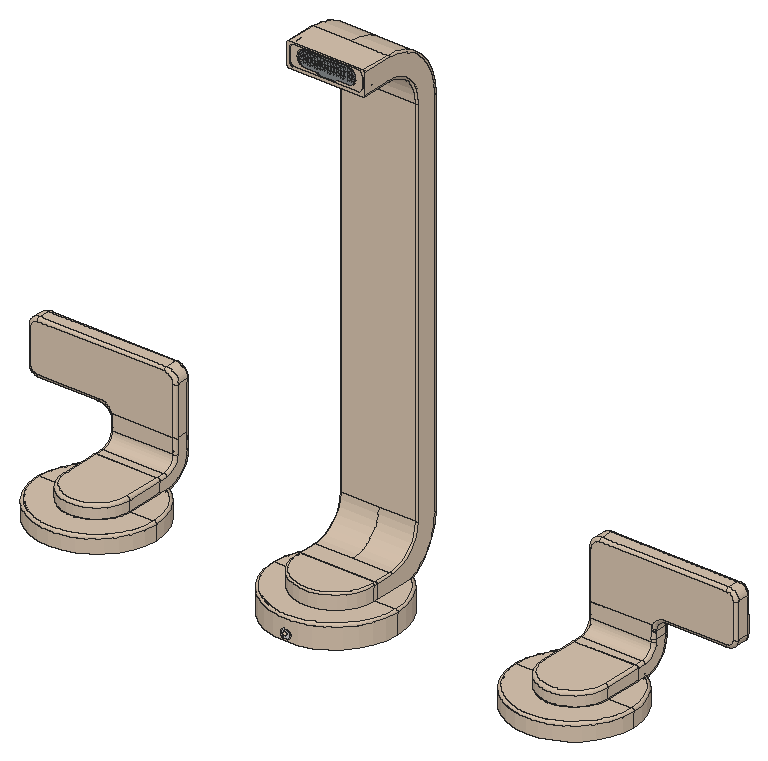
Revit family "Faucet-Wall_Mount-Lavatory-KALLISTA-Guise-P34236", category Plumbing Fixtures, host Face, Revit 2021
Family settings
  Host = Face
  Round Connector Dimension = Use Diameter
  Part Type = Normal
  OmniClass Number = 23.31.11.00
  OmniClass Title = Faucets
  Cut with Voids When Loaded = No
  Shared = No
  Room Calculation Point = No
Parameters (values of type "BAF-Brushed French Gold")
  Width [instance] = Faucet Hole Spacing  # 8"
  WaterSense Certified = 1 = 0  # no
  Waste Water Outlet = "Waste Water Outlet"  # constant formula
  Waste Connection = 1 = 0  # no
  Vent Connection = 1 = 0  # no
  URL = "https://www.kallista.com/"
  Type = 1
  Spout Reach = 8.21654"  # constant formula
  Product Page URL = ""
  Product Name = "Guise\r\n"  # constant formula
  Product Documentation Link = ""
  Pressure = 0.00 psi
  Model = if(Type = 1, "P34236-LV-BAF", if(Type = 2, "P34236-LV-BN", if(Type = 3, "P34236-LV-CP", if(Type = 4, "P34236-LV-GHP", if(Type = 5, "P34236-LV-PGP", if(Type = 6, "P34236-LV-SN", "NA"))))))  # "P34236-LV-BAF"
  Material = "Premium Metal Construction"  # constant formula
  Master Format 2014 Name = "Residential Faucets, Supplies, and Trim"  # constant formula
  Master Format 2014 = "22 41 39"  # constant formula
  Manufacturer Address = "444 Highland Dr, Kohler, WI 53044"  # constant formula
  Manufacturer = "Kallista Co."  # constant formula
  Length = Spout Reach  # 8.21654"
  Hot Water Inlet = "Hot Water Inlet"  # constant formula
  Height = 2.09843"  # constant formula
  Handle Clearance = 1.92913"  # constant formula
  HW Connection = 1 = 1  # yes
  Flow Rate = 1.2 GPM  # constant formula
  Finish = Kallista-Metal-BAF-Brushed_French_Gold
  Faucet Hole Spacing [instance] = 8"  # constant formula
  Environmental Product Declaration = ""
  Drain Included = 1 = 1  # yes
  Description = "Wall Mount Sink Faucet, Wide Spread"  # constant formula
  Default Elevation = 36"
  Declare Label = ""
  Date Modified = "06/29/2024"  # constant formula
  Date Created = "06/29/2024"  # constant formula
  Copyright = "Copyright Kallista Co."  # constant formula
  Contact Us = "https://www.kallista.com/corporate/contact-us/"
  Cold Water Inlet = "Cold Water Inlet"  # constant formula
  CW Connection = 1 = 1  # yes
  Assembly Code = "D2010"
  ADA Compliant = 1 = 0  # no
Types (7): name | Type | Model | Finish
  (no name) | 1 | "P34236-LV-BAF" | Kallista-Metal-BAF-Brushed_French_Gold
  BAF-Brushed French Gold | 1 | "P34236-LV-BAF" | Kallista-Metal-BAF-Brushed_French_Gold
  BN-Brushed Nickel | 2 | "P34236-LV-BN" | Kallista-Metal-BN-Brushed_Nickel
  CP-Chrome | 3 | "P34236-LV-CP" | Kallista-Metal-CP-Chrome
  SN-Polished Nickel | 6 | "P34236-LV-SN" | Kallista-Metal-SN-Polished_Nickel
  GHP | 4 | "P34236-LV-GHP" | none
  PGP-Polished Graphite | 5 | "P34236-LV-PGP" | Kallista-Metal-PGP-Polished_Graphite
Reference planes (in)
  plane 1 "Center (Front/Back)": y = 0
  plane 2: z = 0
  plane 3 "Center (Left/Right)": x = 0
  plane 4: x = -4
  plane 5: x = 4
  plane 6: x = -5.92913
  plane 7: x = -3
  plane 8: y = -1
  plane 9: y = 0.98661
  plane 10: y = 1.2622
  plane 11: x = -5
  plane 12: x = 5.92913
  plane 13: x = 3
  plane 14: x = 5
  plane 15: x = -1.04921
  plane 16: x = 1.04921
  plane 17: y = -0.19685
  plane 18: x = -0.64961
  plane 19: x = 0.64961
  plane 20: y = -1.04921
  plane 21: y = 1.04921
  plane 22: z = 8.41339
  plane 23: z = 1.92913
  plane 24: z = 1.04331
  plane 25: z = 8.21654
  plane 26: y = 1.29921
Dimensions and locks (in)
  equal spacing: plane 4, plane 3 "Center (Left/Right)", plane 5
  "Width": plane 4 to plane 5
  equal spacing: plane 11, plane 4, plane 7
  plane 11 to plane 7 = 2"
  "Handle Clearance": plane 6 to plane 4
  equal spacing: plane 13, plane 5, plane 14
  plane 13 to plane 14 = 2"
  "Handle Clearance": plane 5 to plane 12
  plane 9 to plane 8 = 1.98661"
  "Height": plane 20 to plane 21
  "Length": level to plane 25
  plane 10 to plane 9 = 0.27559"
  plane 15 to plane 16 = 2.09843"  (x2)
  plane 18 to plane 19 = 1.29921"
  plane 7 to plane 11 = 2"
  plane 14 to plane 13 = 2"
  level to plane 22 = 8.41339"
  plane 26 to plane 1 "Center (Front/Back)" = 1.29921"
  plane 1 "Center (Front/Back)" to plane 17 = 0.19685"
  aligned and locked: plane 2 to host face
  aligned and locked: level to host face
  aligned and locked: plane 4 to nested 1
  aligned and locked: plane 1 "Center (Front/Back)" to nested 1
  aligned and locked: nested 2 to plane 5
  aligned and locked: plane 3 "Center (Left/Right)" to nested 3
  aligned and locked: plane 1 "Center (Front/Back)" to nested 3
Automatic sketch dimensions
  host sketch curve to host sketch curve = 96"  (x2)
Nested families (in)
  nested 1: "P34236_Handle" at (-4, 0, 0), type "P34236_Handle"
  nested 2: "P34236_Handle" at (4, 0, 0) x (-1, 0, 0) z (0, 0, 1), type "P34236_Handle"
  nested 3: "P34236" at (0, 0, 0), type "P34236"
Connectors (in)
  piping at (-4, 0, 0), diameter 0.6252, driven by "HW Connection", driven by "Hot Water Inlet", driven by "Flow Rate"
    settings: on nested 1, index 1, connector inside diameter 24", connector length 0", flow factor 0, pipe flow 1.2 GPM, pressure drop 0.00 psi, fitting loss kfactor 0, connector angle 0.00°, fixture units 0, engagement length 0", angle of deflection 0.00°, flow configuration 1, flow direction 1, fitting loss method 0, system type 19, joint type 0, gender type 0, connector reference index -1, connector utility 1, adjustable connector no, is connector primary yes, connector description "Hot Water Inlet"
  piping at (4, 0, 0), diameter 0.6252, driven by "CW Connection", driven by "Cold Water Inlet", driven by "Flow Rate"
    settings: on nested 2, index 2, connector inside diameter 24", connector length 0", flow factor 0, pipe flow 1.2 GPM, pressure drop 0.00 psi, fitting loss kfactor 0, connector angle 0.00°, fixture units 0, engagement length 0", angle of deflection 0.00°, flow configuration 1, flow direction 1, fitting loss method 0, system type 20, joint type 0, gender type 0, connector reference index -1, connector utility 1, adjustable connector no, is connector primary no, connector description "Cold Water Inlet"
Definition of nested family "P34236_Handle"
  Parameters
    Material = none
    Default Elevation = 0"
  Reference planes (in)
    plane 1 "Center (Front/Back)": y = 0
    plane 2: z = 0
    plane 3 "Center (Left/Right)": x = 0
    plane 4: x = -1
    plane 5: x = 1
    plane 6: y = 1
    plane 7: y = -1
    plane 8: z = 1.92913
    plane 9: z = 1.04331
    plane 10: x = -1.92913
    plane 11: y = 1.2622
    plane 12: y = 0.98661
  Forms (in)
    Revolve 1, solid, material <- "Material", detail levels medium+fine
      sketch origin (0, 0, 0) x (1, 0, 0) y (0, 0, 1)
        loop
          line (0, 0) -> (0, 0.27583) -> (-0.95834, 0.27583)
          arc (-0.95834, 0.27583) -> (-0.9878, 0.26363) -> (-1, 0.23418) r 0.04166
          line (-1, 0.23418) -> (-1, 0) -> (0, 0)
        axis (0, 0) -> (0, 0.27583)
      angle from 0 to 360
    Sweep 2, solid, material <- "Material", detail levels medium+fine
      path origin (1.43202, -0.33493, -0.14427) x (1, 0, 0) y (0, 1, 0)
        loop
          line (-1.99129, 0.97665) -> (-1.99129, 0.33876)
          arc (-1.99129, 0.33876) -> (-1.43832, -0.21422) -> (-0.88534, 0.33876) r 0.55297
          line (-0.88534, 0.33876) -> (-0.88534, 0.97665)
      profile origin (-0.55927, 0.32277, -0.14427) x (1, 0, 0) y (0, 0, 1)
        loop
          line (0.50988, 0.63059) -> (0.04837, 0.63059)
          arc (0.04837, 0.63059) -> (0.01445, 0.61654) -> (0.0004, 0.58262) r 0.04797
          line (0.0004, 0.58262) -> (0.0004, 0.41524)
          arc (0.0004, 0.41524) -> (0.00765, 0.39775) -> (0.02514, 0.3905) r 0.02474
          line (0.02514, 0.3905) -> (0.50988, 0.3905) -> (0.50988, 0.63059)
    Sweep 3, solid, material <- "Material", detail levels medium+fine
      path origin (-0.9364, 0.06758, -0.3997) x (1, 0, 0) y (0, 0, 1)
        loop
          line (0.37753, 1.13311) -> (0.37753, 1.25034)
          arc (0.37753, 1.25034) -> (0.3237, 1.38031) -> (0.19373, 1.43415) r 0.1838
          line (0.19373, 1.43415) -> (-0.83827, 1.43415)
          arc (-0.83827, 1.43415) -> (-0.94962, 1.48027) -> (-0.99575, 1.59163) r 0.15748
          line (-0.99575, 1.59163) -> (-0.99575, 2.17167)
          arc (-0.99575, 2.17167) -> (-0.94962, 2.28302) -> (-0.83827, 2.32915) r 0.15748
          line (-0.83827, 2.32915) -> (1.28623, 2.32915)
          arc (1.28623, 2.32915) -> (1.42542, 2.27149) -> (1.48308, 2.1323) r 0.19685
          line (1.48308, 2.1323) -> (1.48308, 1.13311)
      profile origin (-0.71242, 0.06758, 1.92945) x (0, 0, 1) y (0, -1, 0)
        loop
          line (0, -1.14715) -> (0, -0.9599)
          arc (0, -0.9599) -> (-0.01405, -0.926) -> (-0.04795, -0.91195) r 0.04795
          line (-0.04795, -0.91195) -> (-0.08117, -0.91195) -> (-0.08117, -1.1951) -> (-0.04795, -1.1951)
          arc (-0.04795, -1.1951) -> (-0.01405, -1.18105) -> (0, -1.14715) r 0.04795
    Extrusion 4, solid, material <- "Material", detail levels medium+fine
      sketch origin (0, 0, 0) x (1, 0, 0) y (0, 0, 1)
        loop
          arc (-1.77467, 1.84828) -> (-1.82863, 1.82593) -> (-1.85098, 1.77197) r 0.07631
          line (-1.85098, 1.77197) -> (-1.85098, 1.19193)
          arc (-1.85098, 1.19193) -> (-1.82863, 1.13797) -> (-1.77467, 1.11562) r 0.07631
          line (-1.77467, 1.11562) -> (-0.74267, 1.11562)
          arc (-0.74267, 1.11562) -> (-0.51764, 0.99055) -> (-0.50504, 0.73341) r 0.26497
          line (-0.50504, 0.73341) -> (0.46551, 0.73341) -> (0.46551, 1.7326)
          arc (0.46551, 1.7326) -> (0.43163, 1.8144) -> (0.34983, 1.84828) r 0.11568
          line (0.34983, 1.84828) -> (-1.77467, 1.84828)
      from -1.26268 to -0.97953
    Extrusion 5, solid, material <- "Material", detail levels medium+fine
      sketch origin (0, 0, 0) x (1, 0, 0) y (0, 1, 0)
        loop
          arc (-0.04938, 0.00383) -> (-0.00629, -0.03926) -> (0.0368, 0.00383) r 0.04309
          line (0.0368, 0.00383) -> (0.0368, 0.64172) -> (-0.04938, 0.64172) -> (-0.04938, 0.00383)
      from 0.24623 to 0.48632
    Sweep 6, solid, material <- "Material", detail levels medium+fine
      path origin (0, 0, 0.00615) x (0, 1, 0) y (0, 0, 1)
        loop
          line (0.64172, 0.17241) -> (0.77997, 0.17241)
          arc (0.77997, 0.17241) -> (1.1387, 0.321) -> (1.28729, 0.67973) r 0.50732
          line (1.28729, 0.67973) -> (1.28729, 0.93026)
      profile origin (0, 1.28729, 0.81115) x (0, -1, 0) y (1, 0, 0)
        loop
          line (0.07256, -0.55886) -> (0.2598, -0.55886)
          arc (0.2598, -0.55886) -> (0.29371, -0.54482) -> (0.30775, -0.51091) r 0.04795
          line (0.30775, -0.51091) -> (0.30775, 0.49873)
          arc (0.30775, 0.49873) -> (0.29371, 0.53263) -> (0.2598, 0.54668) r 0.04795
          line (0.2598, 0.54668) -> (0.07256, 0.54668)
          arc (0.07256, 0.54668) -> (0.03865, 0.53263) -> (0.02461, 0.49873) r 0.04795
          line (0.02461, 0.49873) -> (0.02461, -0.51091)
          arc (0.02461, -0.51091) -> (0.03865, -0.54482) -> (0.07256, -0.55886) r 0.04795
    Extrusion 7, solid, material <- "Material", detail levels coarse
      sketch origin (0, 0, 0) x (1, 0, 0) y (0, 1, 0)
        loop
          circle (0, 0) r 1
      from 0 to 0.27635
    Extrusion 8, solid, material <- "Material", detail levels coarse
      sketch origin (0, 0, 0) x (1, 0, 0) y (0, 1, 0)
        loop
          arc (-0.55774, 0.00538) -> (0, -0.55236) -> (0.55774, 0.00538) r 0.55774
          line (0.55774, 0.00538) -> (0.55774, 0.7195) -> (-0.55774, 0.7195) -> (-0.55774, 0.00538)
      from 0.20317 to 0.48632
    Extrusion 9, solid, material <- "Material", detail levels coarse
      sketch origin (0, 0, 0) x (1, 0, 0) y (0, 0, 1)
        loop
          line (-1.92913, 1.04331) -> (-0.55927, 1.04331) -> (0.55927, 1.04331) -> (0.55927, 1.92913) -> (-1.92913, 1.92913) -> (-1.92913, 1.04331)
      from -1.26268 to -0.97953
    Extrusion 10, solid, material <- "Material", detail levels coarse
      sketch origin (0, 0, 0) x (0, 1, 0) y (0, 0, 1)
        loop
          line (1.26268, 1.04331) -> (0.97953, 1.04331) -> (0.97953, 0.68317)
          arc (0.97953, 0.68317) -> (0.92188, 0.54397) -> (0.78268, 0.48632) r 0.19685
          line (0.78268, 0.48632) -> (0.2019, 0.48632) -> (0.2019, 0.20317) -> (0.78094, 0.20317)
          arc (0.78094, 0.20317) -> (1.12158, 0.34427) -> (1.26268, 0.68491) r 0.48174
          line (1.26268, 0.68491) -> (1.26268, 1.04331)
      from -0.55886 to 0.55774
  Cuts and joins
    joined: Sweep 3, Extrusion 4
    joined: Extrusion 8, Extrusion 9, Extrusion 10
    joined: Sweep 2, Extrusion 5
  Lines and regions (in)
    Masking region 1
      outline origin (0, 0, 0) x (1, 0, 0) y (0, 1, 0)
        loop
          arc (-0.57985, 0.81472) -> (-0.88811, 0.45963) -> (-1, 0.00291) r 1
          arc (-1, 0.00291) -> (-0.70813, -0.70608) -> (0, -1) r 1
          arc (0, -1) -> (0.71055, -0.70365) -> (0.99995, 0.00975) r 1
          arc (0.99995, 0.00975) -> (0.8942, 0.44766) -> (0.60697, 0.79473) r 1
          arc (0.60697, 0.79473) -> (0.57052, 0.83899) -> (0.55747, 0.89482) r 0.12595
          line (0.55747, 0.89482) -> (0.55747, 1.2214)
          arc (0.55747, 1.2214) -> (0.54552, 1.25025) -> (0.51666, 1.2622) r 0.0408
          line (0.51666, 1.2622) -> (-1.88833, 1.2622)
          arc (-1.88833, 1.2622) -> (-1.91718, 1.25025) -> (-1.92913, 1.2214) r 0.0408
          line (-1.92913, 1.2214) -> (-1.92913, 1.02978)
          arc (-1.92913, 1.02978) -> (-1.91649, 0.99926) -> (-1.88597, 0.98661) r 0.04317
          line (-1.88597, 0.98661) -> (-0.55774, 0.98661) -> (-0.55774, 0.8576)
          arc (-0.55774, 0.8576) -> (-0.56359, 0.83348) -> (-0.57985, 0.81472) r 0.05263
    Masking region 2
      outline origin (0, 0, 0) x (1, 0, 0) y (0, 0, 1)
        loop
          line (-1, 0) -> (1, 0) -> (1, 0.23594)
          arc (1, 0.23594) -> (0.98795, 0.26503) -> (0.95886, 0.27708) r 0.04114
          line (0.95886, 0.27708) -> (0.62284, 0.27708)
          arc (0.62284, 0.27708) -> (0.57789, 0.2957) -> (0.55927, 0.34065) r 0.06357
          line (0.55927, 0.34065) -> (0.55927, 1.78205)
          arc (0.55927, 1.78205) -> (0.51619, 1.88605) -> (0.41218, 1.92913) r 0.14708
          line (0.41218, 1.92913) -> (-1.78251, 1.92913)
          arc (-1.78251, 1.92913) -> (-1.88619, 1.88619) -> (-1.92913, 1.78251) r 0.14663
          line (-1.92913, 1.78251) -> (-1.92913, 1.18097)
          arc (-1.92913, 1.18097) -> (-1.88881, 1.08363) -> (-1.79148, 1.04331) r 0.13766
          line (-1.79148, 1.04331) -> (-0.71405, 1.04331)
          arc (-0.71405, 1.04331) -> (-0.6046, 0.99797) -> (-0.55927, 0.88853) r 0.15478
          line (-0.55927, 0.88853) -> (-0.55927, 0.34065)
          arc (-0.55927, 0.34065) -> (-0.57789, 0.2957) -> (-0.62284, 0.27708) r 0.06357
          line (-0.62284, 0.27708) -> (-0.95886, 0.27708)
          arc (-0.95886, 0.27708) -> (-0.98795, 0.26503) -> (-1, 0.23594) r 0.04114
          line (-1, 0.23594) -> (-1, 0)
    Masking region 3
      outline origin (0, 0, 0) x (0, 1, 0) y (0, 0, 1)
        loop
          line (1, 0) -> (1, 0.2089)
          arc (1, 0.2089) -> (0.99658, 0.23155) -> (0.98661, 0.25217) r 0.07662
          arc (0.98661, 0.25217) -> (1.18728, 0.42395) -> (1.2622, 0.67725) r 0.46562
          line (1.2622, 0.67725) -> (1.2622, 1.88976)
          arc (1.2622, 1.88976) -> (1.25067, 1.9176) -> (1.22283, 1.92913) r 0.03937
          line (1.22283, 1.92913) -> (1.02598, 1.92913)
          arc (1.02598, 1.92913) -> (0.99814, 1.9176) -> (0.98661, 1.88976) r 0.03937
          line (0.98661, 1.88976) -> (0.98661, 0.68317)
          arc (0.98661, 0.68317) -> (0.92896, 0.54397) -> (0.78976, 0.48632) r 0.19685
          line (0.78976, 0.48632) -> (-0.50124, 0.48632)
          arc (-0.50124, 0.48632) -> (-0.53577, 0.47201) -> (-0.55008, 0.43748) r 0.04884
          line (-0.55008, 0.43748) -> (-0.55008, 0.35919)
          arc (-0.55008, 0.35919) -> (-0.57127, 0.30416) -> (-0.62389, 0.27755) r 0.08205
          line (-0.62389, 0.27755) -> (-0.95811, 0.27755)
          arc (-0.95811, 0.27755) -> (-0.98773, 0.26528) -> (-1, 0.23566) r 0.04189
          line (-1, 0.23566) -> (-1, 0) -> (1, 0)
    symbolic lines, detail levels medium+fine
      curve 1: arc (-0.55774, 0.77511, 0) -> (0.00017, -0.95491, 0) -> (0.55747, 0.7753, 0) r 0.95491
      curve 2: arc (-0.55744, 0.00558, 0) -> (-0.00279, -0.55746, 0) -> (0.55747, 0, 0) r 0.55747
      curve 3: arc (-0.62027, 0, 0) -> (0, -0.62027, 0) -> (0.62027, 0, 0) r 0.62027
      curve 4: line (-0.55774, 0.8576, 0) -> (-0.55774, 0.77511, 0)
      curve 5: line (0.55747, 0, 0) -> (0.55747, 0.27196, 0)
      curve 6: line (-0.55774, 0.2714, 0) -> (-0.55774, 0, 0)
      curve 7: line (0.55747, 0.27196, 0) -> (0.55747, 0.7753, 0)
      curve 8: line (-0.55774, 0.77511, 0) -> (-0.55774, 0.2714, 0)
      curve 9: line (0.55747, 0.7753, 0) -> (0.55747, 0.98661, 0)
      curve 10: line (-0.55774, 0.98661, 0) -> (0.55747, 0.98661, 0)
      curve 11: line (-1.92913, 1.2214, 0) -> (0.55747, 1.2214, 0)
      curve 12: line (-1.92913, 1.02978, 0) -> (0.56081, 1.02978, 0)
      curve 13: line (-0.62027, 0, 0) -> (-0.62027, 0.72604, 0)
      curve 14: line (0.62027, 0, 0) -> (0.62027, 0.72604, 0)
      curve 15: line (-0.50504, 0.98661, 0) -> (-0.50504, 0, 0)
      curve 16: line (0.50504, 0.98661, 0) -> (0.50504, 0, 0)
      curve 17: arc (-0.50504, 0, 0) -> (0, -0.50504, 0) -> (0.50504, 0, 0) r 0.50504
      curve 18: line (-1.75677, 0, 1.88272) -> (0.37086, 0, 1.88272)
      curve 19: line (-1.87488, 0, 1.76461) -> (-1.87488, 0, 1.21273)
      curve 20: line (-1.75677, 0, 1.09462) -> (-0.70375, 0, 1.09462)
      curve 21: arc (-0.55927, 0, 0.34065) -> (0, 0, 0.24621) -> (0.55927, 0, 0.34065) r 1.70321
      curve 22: arc (-0.68674, 0, 0.23594) -> (-0.01747, 0, 0.18097) -> (0.65138, 0, 0.24077) r 3.92889
      curve 23: line (-1, 0, 0.23594) -> (-0.68674, 0, 0.23594)
      curve 24: arc (-0.68674, 0, 0.23594) -> (-0.62116, 0, 0.25342) -> (-0.57297, 0, 0.30122) r 0.13178
      curve 25: line (1, 0, 0.23594) -> (0.68674, 0, 0.23594)
      curve 26: arc (0.68674, 0, 0.23594) -> (0.62116, 0, 0.25342) -> (0.57297, 0, 0.30122) r 0.13178
      curve 27: arc (-1.75677, 0, 1.88272) -> (-1.84029, 0, 1.84812) -> (-1.87488, 0, 1.76461) r 0.11811
      curve 28: arc (-1.87488, 0, 1.21273) -> (-1.84029, 0, 1.12921) -> (-1.75677, 0, 1.09462) r 0.11811
      curve 29: line (-0.51489, 0, 0.93552) -> (-0.51489, 0, 0.3259)
      curve 30: line (0.51489, 0, 1.73869) -> (0.51489, 0, 0.3259)
      curve 31: arc (-0.70375, 0, 1.09462) -> (-0.58028, 0, 1.04954) -> (-0.51489, 0, 0.93552) r 0.19165
      curve 32: arc (0.37086, 0, 1.88272) -> (0.4727, 0, 1.84053) -> (0.51489, 0, 1.73869) r 0.14402
      curve 33: line (0, -0.62389, 0.27755) -> (0, 0.7543, 0.27755)
      curve 34: line (0, -1, 0.23566) -> (0, 0.77165, 0.23566)
      curve 35: arc (0, 0.98661, 0.25217) -> (0, 0.87945, 0.2398) -> (0, 0.77165, 0.23566) r 1.40772
      curve 36: line (0, 1.22283, 1.92913) -> (0, 1.22283, 0.66464)
      curve 37: line (0, 1.02598, 1.92913) -> (0, 1.02598, 0.70292)
      curve 38: line (0, -0.55008, 0.43748) -> (0, 0.76054, 0.43748)
      curve 39: line (0, -0.55008, 0.35825) -> (0, 0.97348, 0.35825)
      curve 40: arc (0, 1.02598, 0.70292) -> (0, 0.94824, 0.51523) -> (0, 0.76054, 0.43748) r 0.26544
      curve 41: arc (0, 0.7543, 0.27755) -> (0, 0.87108, 0.29837) -> (0, 0.97348, 0.35825) r 0.33801
      curve 42: arc (0, 0.81497, 0.23566) -> (0, 0.91516, 0.26977) -> (0, 0.97373, 0.35792) r 0.16421
      curve 43: arc (0, 1.22283, 0.66464) -> (0, 1.08927, 0.35336) -> (0, 0.77165, 0.23566) r 0.42952
      curve 44: line (0, 1.22283, 1.04331) -> (0, 1.02598, 1.04331)
      curve 45: arc (0, 1.2622, 1.08641) -> (0, 1.25202, 1.05618) -> (0, 1.22283, 1.04331) r 0.03953
      curve 46: arc (0, 0.98661, 1.08641) -> (0, 0.99679, 1.05618) -> (0, 1.02598, 1.04331) r 0.03953
  Dimensions and locks (in)
    plane 12 to plane 11 = 0.27559"
    aligned and locked: level to plane 2
    aligned and locked: Sweep 2 sketch curve to Sweep 6
Definition of nested family "P34236"
  Parameters
    Material = none
    Default Elevation = 0"
  Reference planes (in)
    plane 1 "Center (Front/Back)": y = 0
    plane 2: z = 0
    plane 3 "Center (Left/Right)": x = 0
    plane 4: x = -1.04921
    plane 5: x = 1.04921
    plane 6: y = 1.04921
    plane 7: y = -1.04921
    plane 8: x = -0.64961
    plane 9: x = 0.64961
    plane 10: z = 8.21654
    plane 11: z = 8.41339
    plane 12: y = -0.19685
    plane 13: y = 1.29921
  Forms (in)
    Revolve 1, solid, material <- "Material", detail levels medium+fine
      sketch origin (0, 0, 0) x (1, 0, 0) y (0, 0, 1)
        loop
          line (0, 0) -> (0, 0.37837) -> (-1.01197, 0.37837)
          arc (-1.01197, 0.37837) -> (-1.0383, 0.36746) -> (-1.04921, 0.34113) r 0.03724
          line (-1.04921, 0.34113) -> (-1.04921, 0) -> (0, 0)
        axis (0, 0) -> (0, 0.37837)
      angle from 0 to 360
    Sweep 2, solid, material <- "Material", detail levels medium+fine
      path origin (0, 0, 0) x (0, 1, 0) y (0, 0, 1)
        loop
          line (-0.19685, 8.41339) -> (0.31496, 8.41339)
          arc (0.31496, 8.41339) -> (1.01093, 8.12511) -> (1.29921, 7.42913) r 0.98425
          line (1.29921, 7.42913) -> (1.29921, 1.16311)
          arc (1.29921, 1.16311) -> (1.02668, 0.50517) -> (0.36874, 0.23265) r 0.93047
          line (0.36874, 0.23265) -> (0.05188, 0.23265)
      profile origin (0, 0.05906, 8.41339) x (0, 0, 1) y (1, 0, 0)
        loop
          line (0, 0) -> (0, 0.62175)
          arc (0, 0.62175) -> (-0.00816, 0.64145) -> (-0.02786, 0.64961) r 0.02786
          line (-0.02786, 0.64961) -> (-0.19685, 0.64961) -> (-0.36584, 0.64961)
          arc (-0.36584, 0.64961) -> (-0.38554, 0.64145) -> (-0.3937, 0.62175) r 0.02786
          line (-0.3937, 0.62175) -> (-0.3937, 0) -> (-0.3937, -0.62175)
          arc (-0.3937, -0.62175) -> (-0.38554, -0.64145) -> (-0.36584, -0.64961) r 0.02786
          line (-0.36584, -0.64961) -> (-0.19685, -0.64961) -> (-0.02786, -0.64961)
          arc (-0.02786, -0.64961) -> (-0.00816, -0.64145) -> (0, -0.62175) r 0.02786
          line (0, -0.62175) -> (0, 0)
    Sweep 3, solid, material <- "Material", detail levels medium+fine
      path origin (0, 0, 0) x (1, 0, 0) y (0, 1, 0)
        loop
          line (0.64961, 0.05335) -> (0.64961, -0.00563)
          arc (0.64961, -0.00563) -> (0, -0.65524) -> (-0.64961, -0.00563) r 0.64961
          line (-0.64961, -0.00563) -> (-0.64961, 0.05335)
      profile origin (0.64961, 0.02386, 0) x (1, 0, 0) y (0, 0, 1)
        loop
          line (0, 0.23265) -> (0, 0.59849)
          arc (0, 0.59849) -> (-0.00816, 0.61819) -> (-0.02786, 0.62635) r 0.02786
          line (-0.02786, 0.62635) -> (-0.06459, 0.62635) -> (-0.06459, 0.23265) -> (0, 0.23265)
    Extrusion 4, solid, material <- "Material", detail levels medium+fine
      sketch origin (0, 0, 0) x (1, 0, 0) y (0, 1, 0)
        loop
          line (0.58502, -0.00563) -> (0.58502, 0.05335) -> (-0.58502, 0.05335) -> (-0.58502, -0.00563)
          arc (-0.58502, -0.00563) -> (0, -0.59065) -> (0.58502, -0.00563) r 0.58502
      from 0.23265 to 0.62635
    Extrusion 5, void
      sketch origin (0, 0, 0) x (1, 0, 0) y (0, 0, 1)
        loop
          arc (-0.53273, 8.39986) -> (-0.58808, 8.37694) -> (-0.61101, 8.32159) r 0.07827
          line (-0.61101, 8.32159) -> (-0.61101, 8.13086)
          arc (-0.61101, 8.13086) -> (-0.58822, 8.07585) -> (-0.5332, 8.05306) r 0.0778
          line (-0.5332, 8.05306) -> (0.53138, 8.05306)
          arc (0.53138, 8.05306) -> (0.58639, 8.07585) -> (0.60918, 8.13086) r 0.0778
          line (0.60918, 8.13086) -> (0.60918, 8.32159)
          arc (0.60918, 8.32159) -> (0.58626, 8.37694) -> (0.53091, 8.39986) r 0.07827
          line (0.53091, 8.39986) -> (-0.53273, 8.39986)
      from -0.0152 to 0.77561
    Extrusion 6, solid, detail levels medium+fine
      sketch origin (0, 0, 0) x (1, 0, 0) y (0, 0, 1)
        loop
          arc (-0.34653, 8.37215) -> (-0.48781, 8.23087) -> (-0.34653, 8.08958) r 0.14129
          line (-0.34653, 8.08958) -> (-0.17312, 8.08958)
          arc (-0.17312, 8.08958) -> (-0.15745, 8.08695) -> (-0.14349, 8.07934) r 0.04801
          arc (-0.14349, 8.07934) -> (-0.11888, 8.06593) -> (-0.09123, 8.06129) r 0.08466
          line (-0.09123, 8.06129) -> (0.10562, 8.06129)
          arc (0.10562, 8.06129) -> (0.13326, 8.06593) -> (0.15787, 8.07934) r 0.08466
          arc (0.15787, 8.07934) -> (0.17183, 8.08695) -> (0.18751, 8.08958) r 0.04801
          line (0.18751, 8.08958) -> (0.35073, 8.08958)
          arc (0.35073, 8.08958) -> (0.49201, 8.23087) -> (0.35073, 8.37215) r 0.14129
          line (0.35073, 8.37215) -> (-0.34653, 8.37215)
      from -0.0152 to 0.1747
    Extrusion 7, void
      sketch origin (0, 0, 0) x (1, 0, 0) y (0, 0, 1)
        loop
          line (-0.45783, 8.27985) -> (-0.40563, 8.27985) -> (-0.40563, 8.33714)
          arc (-0.40563, 8.33714) -> (-0.43641, 8.31276) -> (-0.45783, 8.27985) r 0.1216
        loop
          arc (-0.46366, 8.26354) -> (-0.4672, 8.24591) -> (-0.46809, 8.22794) r 0.1216
          line (-0.46809, 8.22794) -> (-0.40563, 8.22794) -> (-0.40563, 8.26354) -> (-0.46366, 8.26354)
        loop
          arc (-0.46701, 8.21444) -> (-0.4585, 8.18345) -> (-0.44217, 8.15577) r 0.1216
          line (-0.44217, 8.15577) -> (-0.40563, 8.15577) -> (-0.40563, 8.21444) -> (-0.46701, 8.21444)
        loop
          line (-0.3874, 8.27985) -> (-0.34714, 8.27985) -> (-0.34714, 8.34539) -> (-0.3874, 8.34539) -> (-0.3874, 8.27985)
        loop
          line (-0.3874, 8.26354) -> (-0.3874, 8.22794) -> (-0.34714, 8.22794) -> (-0.34714, 8.26354) -> (-0.3874, 8.26354)
        loop
          line (-0.3874, 8.21444) -> (-0.3874, 8.15577) -> (-0.34714, 8.15577) -> (-0.34714, 8.21444) -> (-0.3874, 8.21444)
        loop
          line (-0.32376, 8.27985) -> (-0.28349, 8.27985) -> (-0.28349, 8.34539) -> (-0.32376, 8.34539) -> (-0.32376, 8.27985)
        loop
          line (-0.32376, 8.26354) -> (-0.32376, 8.22794) -> (-0.28349, 8.22794) -> (-0.28349, 8.26354) -> (-0.32376, 8.26354)
        loop
          line (-0.32376, 8.21444) -> (-0.32376, 8.15577) -> (-0.28349, 8.15577) -> (-0.28349, 8.21444) -> (-0.32376, 8.21444)
        loop
          line (-0.26752, 8.27985) -> (-0.22725, 8.27985) -> (-0.22725, 8.34539) -> (-0.26752, 8.34539) -> (-0.26752, 8.27985)
        loop
          line (-0.26752, 8.26354) -> (-0.26752, 8.22794) -> (-0.22725, 8.22794) -> (-0.22725, 8.26354) -> (-0.26752, 8.26354)
        loop
          line (-0.26752, 8.21444) -> (-0.26752, 8.15577) -> (-0.22725, 8.15577) -> (-0.22725, 8.21444) -> (-0.26752, 8.21444)
        loop
          line (-0.20888, 8.27985) -> (-0.16861, 8.27985) -> (-0.16861, 8.34539) -> (-0.20888, 8.34539) -> (-0.20888, 8.27985)
        loop
          line (-0.20888, 8.26354) -> (-0.20888, 8.22794) -> (-0.16861, 8.22794) -> (-0.16861, 8.26354) -> (-0.20888, 8.26354)
        loop
          line (-0.20888, 8.21444) -> (-0.20888, 8.15577) -> (-0.16861, 8.15577) -> (-0.16861, 8.21444) -> (-0.20888, 8.21444)
        loop
          line (-0.15165, 8.27985) -> (-0.11138, 8.27985) -> (-0.11138, 8.34539) -> (-0.15165, 8.34539) -> (-0.15165, 8.27985)
        loop
          line (-0.15165, 8.26354) -> (-0.15165, 8.22794) -> (-0.11138, 8.22794) -> (-0.11138, 8.26354) -> (-0.15165, 8.26354)
        loop
          line (-0.15165, 8.21444) -> (-0.15165, 8.15577) -> (-0.11138, 8.15577) -> (-0.11138, 8.21444) -> (-0.15165, 8.21444)
        loop
          line (-0.09724, 8.27985) -> (-0.05697, 8.27985) -> (-0.05697, 8.34539) -> (-0.09724, 8.34539) -> (-0.09724, 8.27985)
        loop
          line (-0.09724, 8.26354) -> (-0.09724, 8.22794) -> (-0.05697, 8.22794) -> (-0.05697, 8.26354) -> (-0.09724, 8.26354)
        loop
          line (-0.09724, 8.21444) -> (-0.09724, 8.15577) -> (-0.05697, 8.15577) -> (-0.05697, 8.21444) -> (-0.09724, 8.21444)
        loop
          line (-0.04396, 8.27985) -> (-0.00369, 8.27985) -> (-0.00369, 8.34539) -> (-0.04396, 8.34539) -> (-0.04396, 8.27985)
        loop
          line (-0.04396, 8.26354) -> (-0.04396, 8.22794) -> (-0.00369, 8.22794) -> (-0.00369, 8.26354) -> (-0.04396, 8.26354)
        loop
          line (-0.04396, 8.21444) -> (-0.04396, 8.15577) -> (-0.00369, 8.15577) -> (-0.00369, 8.21444) -> (-0.04396, 8.21444)
        loop
          line (0.0065, 8.27985) -> (0.04677, 8.27985) -> (0.04677, 8.34539) -> (0.0065, 8.34539) -> (0.0065, 8.27985)
        loop
          line (0.0065, 8.26354) -> (0.0065, 8.22794) -> (0.04677, 8.22794) -> (0.04677, 8.26354) -> (0.0065, 8.26354)
        loop
          line (0.0065, 8.21444) -> (0.0065, 8.15577) -> (0.04677, 8.15577) -> (0.04677, 8.21444) -> (0.0065, 8.21444)
        loop
          line (0.06035, 8.27985) -> (0.10062, 8.27985) -> (0.10062, 8.34539) -> (0.06035, 8.34539) -> (0.06035, 8.27985)
        loop
          line (0.06035, 8.26354) -> (0.06035, 8.22794) -> (0.10062, 8.22794) -> (0.10062, 8.26354) -> (0.06035, 8.26354)
        loop
          line (0.06035, 8.21444) -> (0.06035, 8.15577) -> (0.10062, 8.15577) -> (0.10062, 8.21444) -> (0.06035, 8.21444)
        loop
          line (0.11194, 8.27985) -> (0.15221, 8.27985) -> (0.15221, 8.34539) -> (0.11194, 8.34539) -> (0.11194, 8.27985)
        loop
          line (0.11194, 8.26354) -> (0.11194, 8.22794) -> (0.15221, 8.22794) -> (0.15221, 8.26354) -> (0.11194, 8.26354)
        loop
          line (0.11194, 8.21444) -> (0.11194, 8.15577) -> (0.15221, 8.15577) -> (0.15221, 8.21444) -> (0.11194, 8.21444)
        loop
          line (0.16663, 8.27985) -> (0.2069, 8.27985) -> (0.2069, 8.34539) -> (0.16663, 8.34539) -> (0.16663, 8.27985)
        loop
          line (0.16663, 8.26354) -> (0.16663, 8.22794) -> (0.2069, 8.22794) -> (0.2069, 8.26354) -> (0.16663, 8.26354)
        loop
          line (0.16663, 8.21444) -> (0.16663, 8.15577) -> (0.2069, 8.15577) -> (0.2069, 8.21444) -> (0.16663, 8.21444)
        loop
          line (0.22499, 8.27985) -> (0.26525, 8.27985) -> (0.26525, 8.34539) -> (0.22499, 8.34539) -> (0.22499, 8.27985)
        loop
          line (0.22499, 8.26354) -> (0.22499, 8.22794) -> (0.26525, 8.22794) -> (0.26525, 8.26354) -> (0.22499, 8.26354)
        loop
          line (0.22499, 8.21444) -> (0.22499, 8.15577) -> (0.26525, 8.15577) -> (0.26525, 8.21444) -> (0.22499, 8.21444)
        loop
          line (0.28024, 8.27985) -> (0.32051, 8.27985) -> (0.32051, 8.34539) -> (0.28024, 8.34539) -> (0.28024, 8.27985)
        loop
          line (0.28024, 8.26354) -> (0.28024, 8.22794) -> (0.32051, 8.22794) -> (0.32051, 8.26354) -> (0.28024, 8.26354)
        loop
          line (0.28024, 8.21444) -> (0.28024, 8.15577) -> (0.32051, 8.15577) -> (0.32051, 8.21444) -> (0.28024, 8.21444)
        loop
          arc (0.46203, 8.27985) -> (0.44061, 8.31276) -> (0.40982, 8.33714) r 0.1216
          line (0.40982, 8.33714) -> (0.40982, 8.27985) -> (0.46203, 8.27985)
        loop
          line (0.46786, 8.26354) -> (0.40982, 8.26354) -> (0.40982, 8.22794) -> (0.47229, 8.22794)
          arc (0.47229, 8.22794) -> (0.47139, 8.24591) -> (0.46786, 8.26354) r 0.1216
        loop
          line (0.47121, 8.21444) -> (0.40982, 8.21444) -> (0.40982, 8.15577) -> (0.44637, 8.15577)
          arc (0.44637, 8.15577) -> (0.4627, 8.18345) -> (0.47121, 8.21444) r 0.1216
        loop
          line (0.3916, 8.27985) -> (0.3916, 8.34539) -> (0.35134, 8.34539) -> (0.35134, 8.27985) -> (0.3916, 8.27985)
        loop
          line (0.3916, 8.26354) -> (0.35134, 8.26354) -> (0.35134, 8.22794) -> (0.3916, 8.22794) -> (0.3916, 8.26354)
        loop
          line (0.3916, 8.21444) -> (0.35134, 8.21444) -> (0.35134, 8.15577) -> (0.3916, 8.15577) -> (0.3916, 8.21444)
      from 0.00798 to 0.19685
    Extrusion 8, solid, material <- "Material", detail levels medium+fine
      sketch origin (0, 0, 0) x (1, 0, 0) y (0, 0, 1)
        loop
          arc (-0.53273, 8.39986) -> (-0.58808, 8.37694) -> (-0.61101, 8.32159) r 0.07827
          line (-0.61101, 8.32159) -> (-0.61101, 8.13086)
          arc (-0.61101, 8.13086) -> (-0.58822, 8.07585) -> (-0.5332, 8.05306) r 0.0778
          line (-0.5332, 8.05306) -> (0.53138, 8.05306)
          arc (0.53138, 8.05306) -> (0.58639, 8.07585) -> (0.60918, 8.13086) r 0.0778
          line (0.60918, 8.13086) -> (0.60918, 8.32159)
          arc (0.60918, 8.32159) -> (0.58626, 8.37694) -> (0.53091, 8.39986) r 0.07827
          line (0.53091, 8.39986) -> (-0.53273, 8.39986)
        loop
          arc (-0.34653, 8.38224) -> (-0.49175, 8.23702) -> (-0.34653, 8.09179) r 0.14522
          line (-0.34653, 8.09179) -> (-0.15613, 8.09179)
          arc (-0.15613, 8.09179) -> (-0.12663, 8.07088) -> (-0.09123, 8.0635) r 0.08859
          line (-0.09123, 8.0635) -> (0.10562, 8.0635)
          arc (0.10562, 8.0635) -> (0.14102, 8.07088) -> (0.17052, 8.09179) r 0.08859
          line (0.17052, 8.09179) -> (0.35073, 8.09179)
          arc (0.35073, 8.09179) -> (0.49595, 8.23702) -> (0.35073, 8.38224) r 0.14522
          line (0.35073, 8.38224) -> (-0.34653, 8.38224)
      from -0.0152 to 0.18693
    Extrusion 9, void
      sketch origin (0, 0, 0) x (1, 0, 0) y (0, 0, 1)
        loop
          circle (0, 0.10887) r 0.08011
      from 0.97469 to 1.09793
    Extrusion 10, solid, detail levels medium+fine
      sketch origin (0, 0, 0) x (1, 0, 0) y (0, 0, 1)
        loop
          circle (0, 0.10887) r 0.08011
        loop
          line (-0.02337, 0.14921) -> (-0.04541, 0.10945) -> (-0.02201, 0.07048) -> (0.02345, 0.07126) -> (0.04549, 0.11102) -> (0.02209, 0.14999) -> (-0.02337, 0.14921)
      from 0.97469 to 1.04615
    Sweep 11, solid, material <- "Material", detail levels coarse
      path origin (0, 0, 0) x (0, 1, 0) y (0, 0, 1)
        loop
          line (-0.19685, 8.41339) -> (0.31496, 8.41339)
          arc (0.31496, 8.41339) -> (1.01093, 8.12511) -> (1.29921, 7.42913) r 0.98425
          line (1.29921, 7.42913) -> (1.29921, 1.16311)
          arc (1.29921, 1.16311) -> (1.02668, 0.50517) -> (0.36874, 0.23265) r 0.93047
          line (0.36874, 0.23265) -> (-0.66091, 0.23265)
      profile origin (0, 0.05906, 8.41339) x (0, 0, 1) y (1, 0, 0)
        loop
          line (0, 0) -> (0, 0.62175)
          arc (0, 0.62175) -> (-0.00816, 0.64145) -> (-0.02786, 0.64961) r 0.02786
          line (-0.02786, 0.64961) -> (-0.19685, 0.64961) -> (-0.36584, 0.64961)
          arc (-0.36584, 0.64961) -> (-0.38554, 0.64145) -> (-0.3937, 0.62175) r 0.02786
          line (-0.3937, 0.62175) -> (-0.3937, 0) -> (-0.3937, -0.62175)
          arc (-0.3937, -0.62175) -> (-0.38554, -0.64145) -> (-0.36584, -0.64961) r 0.02786
          line (-0.36584, -0.64961) -> (-0.19685, -0.64961) -> (-0.02786, -0.64961)
          arc (-0.02786, -0.64961) -> (-0.00816, -0.64145) -> (0, -0.62175) r 0.02786
          line (0, -0.62175) -> (0, 0)
    Extrusion 12, solid, material <- "Material", detail levels coarse
      sketch origin (0, 0, 0) x (1, 0, 0) y (0, 1, 0)
        loop
          circle (0, 0) r 1.04921
      from 0 to 0.3839
  Cuts and joins
    Extrusion 7 cuts Extrusion 6
    Extrusion 9 cuts Revolve 1
    Extrusion 5 cuts Sweep 2
    joined: Sweep 3, Extrusion 4
  Lines and regions (in)
    Masking region 1
      outline origin (0, 0, 0) x (1, 0, 0) y (0, 1, 0)
        loop
          arc (-1.04914, 0.0127) -> (-0.74896, -0.73478) -> (-0.00736, -1.04919) r 1.04921
          arc (-0.00736, -1.04919) -> (0.74383, -0.73997) -> (1.04913, 0.01282) r 1.04921
          arc (1.04913, 0.01282) -> (0.94123, 0.46362) -> (0.64961, 0.82393) r 1.04921
          line (0.64961, 0.82393) -> (0.64961, 1.2605)
          arc (0.64961, 1.2605) -> (0.63827, 1.28787) -> (0.61089, 1.29921) r 0.03871
          line (0.61089, 1.29921) -> (0, 1.29921) -> (-0.61089, 1.29921)
          arc (-0.61089, 1.29921) -> (-0.63827, 1.28787) -> (-0.64961, 1.2605) r 0.03871
          line (-0.64961, 1.2605) -> (-0.64961, 0.82393)
          arc (-0.64961, 0.82393) -> (-0.94125, 0.46356) -> (-1.04914, 0.0127) r 1.04921
    Masking region 2
      outline origin (0, 0, 0) x (1, 0, 0) y (0, 0, 1)
        loop
          line (1.04921, 0) -> (1.04921, 0.33758)
          arc (1.04921, 0.33758) -> (1.03689, 0.36731) -> (1.00716, 0.37963) r 0.04206
          line (1.00716, 0.37963) -> (0.64961, 0.37963) -> (0.64961, 8.37402)
          arc (0.64961, 8.37402) -> (0.63808, 8.40185) -> (0.61024, 8.41339) r 0.03937
          line (0.61024, 8.41339) -> (0, 8.41339) -> (-0.61024, 8.41339)
          arc (-0.61024, 8.41339) -> (-0.63808, 8.40185) -> (-0.64961, 8.37402) r 0.03937
          line (-0.64961, 8.37402) -> (-0.64961, 0.37963) -> (-1.00716, 0.37963)
          arc (-1.00716, 0.37963) -> (-1.03689, 0.36731) -> (-1.04921, 0.33758) r 0.04206
          line (-1.04921, 0.33758) -> (-1.04921, 0) -> (0, 0) -> (1.04921, 0)
    Masking region 3
      outline origin (0, 0, 0) x (0, 1, 0) y (0, 0, 1)
        loop
          line (-0.19685, 8.41339) -> (-0.19685, 8.21654) -> (-0.19685, 8.01969) -> (0.31363, 8.01969)
          arc (0.31363, 8.01969) -> (0.73122, 7.84672) -> (0.90418, 7.42913) r 0.59055
          line (0.90418, 7.42913) -> (0.90418, 1.25754)
          arc (0.90418, 1.25754) -> (0.71597, 0.80314) -> (0.26158, 0.61493) r 0.64261
          line (0.26158, 0.61493) -> (-0.60875, 0.61493)
          arc (-0.60875, 0.61493) -> (-0.63759, 0.60298) -> (-0.64954, 0.57414) r 0.04079
          line (-0.64954, 0.57414) -> (-0.64954, 0.37896) -> (-1.01142, 0.37896)
          arc (-1.01142, 0.37896) -> (-1.03814, 0.3679) -> (-1.04921, 0.34117) r 0.03779
          line (-1.04921, 0.34117) -> (-1.04921, 0) -> (1.04921, 0) -> (1.04921, 0.34117)
          arc (1.04921, 0.34117) -> (1.03814, 0.3679) -> (1.01142, 0.37896) r 0.03779
          line (1.01142, 0.37896) -> (0.81457, 0.37896)
          arc (0.81457, 0.37896) -> (1.16932, 0.73258) -> (1.29921, 1.21633) r 0.96572
          line (1.29921, 1.21633) -> (1.29921, 7.42913)
          arc (1.29921, 7.42913) -> (1.01093, 8.12511) -> (0.31496, 8.41339) r 0.98425
          line (0.31496, 8.41339) -> (-0.19685, 8.41339)
    symbolic lines, detail levels medium+fine
      curve 1: arc (-0.64961, 0.77608, 0) -> (0, -1.01207, 0) -> (0.64961, 0.77608, 0) r 1.01207
      curve 2: arc (-0.61906, -0.19685, 0) -> (0, -0.64961, 0) -> (0.61906, -0.19685, 0) r 0.64961
      curve 3: arc (-0.57746, -0.19685, 0) -> (0, -0.61009, 0) -> (0.57746, -0.19685, 0) r 0.61009
      curve 4: line (-0.64961, -0.19685, 0) -> (-0.64961, 0.82393, 0)
      curve 5: line (-0.61009, -0.19685, 0) -> (-0.61009, 1.29921, 0)
      curve 6: line (0.64961, -0.19685, 0) -> (0.64961, 0.89636, 0)
      curve 7: line (0.61009, -0.19685, 0) -> (0.61009, 1.29921, 0)
      curve 8: line (-0.64961, -0.19685, 0) -> (-0.61009, -0.19685, 0)
      curve 9: line (-0.61009, -0.19685, 0) -> (0.64961, -0.19685, 0)
      curve 10: line (0.9252, 0, 0.37963) -> (-0.82838, 0, 0.37963)
      curve 11: line (1.04921, 0, 0.33758) -> (-1.04921, 0, 0.33758)
      curve 12: line (0.61024, 0, 8.41339) -> (0.61024, 0, 0.37963)
      curve 13: line (-0.61024, 0, 8.41339) -> (-0.61024, 0, 0.37963)
      curve 14: line (0, -0.64954, 0.37896) -> (0, 0.76628, 0.37896)
      curve 15: line (0, -0.64954, 0.57414) -> (0, 0.27983, 0.57414)
      curve 16: line (0, 0.94022, 1.23453) -> (0, 0.94022, 7.43312)
      curve 17: line (0, -0.19685, 8.04754) -> (0, 0.3258, 8.04754)
      curve 18: arc (0, 0.94022, 7.43312) -> (0, 0.76026, 7.86758) -> (0, 0.3258, 8.04754) r 0.61442
      curve 19: line (0, -0.19685, 8.38553) -> (0, 0.28114, 8.38553)
      curve 20: line (0, 1.26539, 1.20425) -> (0, 1.26539, 7.40128)
      curve 21: arc (0, 1.26539, 7.40128) -> (0, 0.97711, 8.09725) -> (0, 0.28114, 8.38553) r 0.98425
      curve 22: arc (0, 0.27983, 0.57414) -> (0, 0.7468, 0.76756) -> (0, 0.94022, 1.23453) r 0.66039
      curve 23: arc (0, 0.76628, 0.37896) -> (0, 1.13091, 0.72202) -> (0, 1.26539, 1.20425) r 0.93187
      curve 24: line (0, 1.04921, 0.34117) -> (0, -1.04921, 0.34117)
  Dimensions and locks (in)
    aligned and locked: level to plane 2
